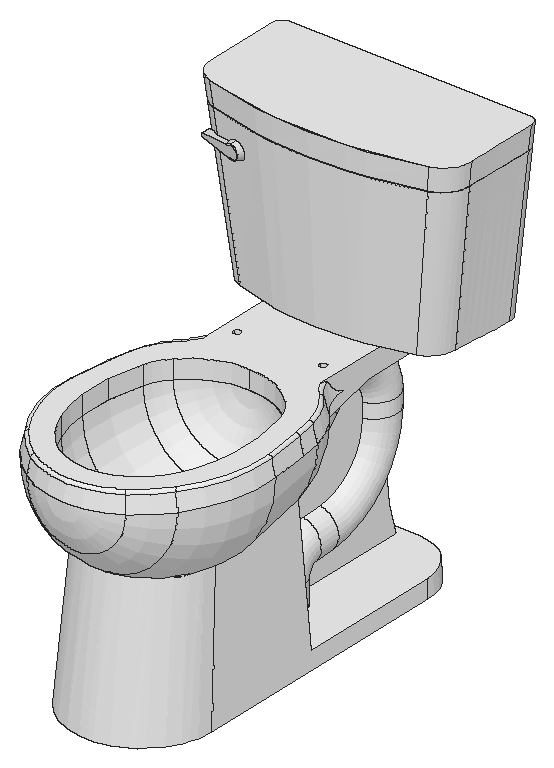
Revit family "Plumbing-Pressure-Assist-Water-Closet-Sloan-Valve-WETS-80298013_", category Plumbing Fixtures, host Face, Revit 2019
Family settings
  Host = Face
  Round Connector Dimension = Use Diameter
  Part Type = Normal
  OmniClass Number = 23.45.05.21.11.11
  OmniClass Title = Water Operated Water Closets
  Cut with Voids When Loaded = No
  Shared = No
  Room Calculation Point = No
Parameters (values of type "WETS-8029.8013")
  Width = 18 1/4"  # constant formula
  Water Closet Code = "2108029"
  Valve Pressure Drop = 0.00 psi
  Tank Code = "2108013"
  Sanitary Drain Connector Description = "Sanitary Drain Connector d2 1/8\""
  Sanitary Drain Connection Diameter = 2 1/8"  # constant formula
  Real Distance to Wall [instance] = if(Distance to Wall < 3/4", 3/4", Distance to Wall)  # 3/4"
  Waste Connection = yes
  WFU = 10
  Vent Connection = yes
  URL = "www.sloanvalve.com"
  Product data url = "https://bimobject.com/sloan_valve/product/pressure-assist-water-closets_sloan_wets-80298013"
  Product Material = Sloan Valve - Vitreous China - White
  Product Guid = ""
  Part Number = "WETS-8029.8013"
  Model = "WETS-8029.8013"
  Minimum Static Pressure = "20 PSI (138 kPa)"  # constant formula
  Maximum Static Pressure = "80 PSI (552 kPa)\r"  # constant formula
  Manufacturer = "Sloan Valve"  # constant formula
  Keynote = "15410"
  Height = 29 5/8"  # constant formula
  HWFU = 0
  HW Connection = yes
  Flush Rate = "1.6 gpf (6.0 Lpf)"
  Depth = 30 3/8"  # constant formula
  Cold Water Connector Description = "Cold Water Connector d1/2\""
  Cold Water Connection Diameter = 1/2"  # constant formula
  Edition number = 1
  Distance to Wall [instance] = 3/4"
  Description = "Floor-Mounted 1.6 gpf (6.0 Lpf) ADA 12\" Rough-in Pressure-Assisted/Tank Toilet."
  Default Elevation = 0"
  CWFU = 10
  CW Connection = yes
  Assembly Code = "D2010"
  ADA Compliant [instance] = 1 = 1  # yes
Reference planes
  plane 1 "Center (Front/Back)": y = 0
  plane 2: z = 0
  plane 3 "Center (Left/Right)": x = 0
  plane 4: x = -201.612
  plane 5: x = 201.613
  plane 6: y = -762.786
  plane 7: y = -19.05
  plane 8: x = -201.612
  plane 9: x = 201.613
  plane 10: y = -762.786
  plane 11: y = -19.05
Forms (mm)
  Blend 1, solid, material "Sloan Valve - Vitreous China - White" <- "Product Material"
    base sketch origin (0, 0, 38.1) x (1, 0, 0) y (0, 1, 0)
      loop
        arc (-34.925, -45.045) -> (-97.787, -71.084) -> (-123.825, -133.945) r 88.9
        line (-123.825, -133.945) -> (-123.825, -615.95)
        arc (-123.825, -615.95) -> (0, -739.775) -> (123.825, -615.95) r 123.825
        line (123.825, -615.95) -> (123.825, -133.945)
        arc (123.825, -133.945) -> (97.787, -71.084) -> (34.925, -45.045) r 88.9
        line (34.925, -45.045) -> (-34.925, -45.045)
    top sketch origin (0, 0, 38.1) x (1, 0, 0) y (0, 1, 0)
      loop
        arc (-109.537, -584.301) -> (0, -693.838) -> (109.537, -584.301) r 109.537
        line (109.537, -584.301) -> (109.537, -133.945)
        arc (109.537, -133.945) -> (83.499, -71.084) -> (20.637, -45.045) r 88.9
        line (20.637, -45.045) -> (-20.637, -45.045)
        arc (-20.637, -45.045) -> (-83.499, -71.084) -> (-109.537, -133.945) r 88.9
        line (-109.537, -133.945) -> (-109.537, -584.301)
    from -38.1 to 312.058
  Extrusion 2, solid, material "Sloan Valve - Vitreous China - White" <- "Product Material"
    sketch origin (0, 0, 12.7) x (0, 1, 0) y (0, 0, 1)
      loop
        line (-369.05, 348.14) -> (-241.882, 379.846) -> (-70.211, 379.846) -> (-64.931, 440.2) -> (-185.947, 440.2)
        arc (-185.947, 440.2) -> (-192.127, 425.28) -> (-207.047, 419.1) r 21.1
        line (-207.047, 419.1) -> (-369.05, 419.1) -> (-369.05, 348.14)
    from -104.047 to 104.047
  Sweep 3, solid, material "Sloan Valve - Vitreous China - White" <- "Product Material"
    path origin (0, 0, 38.1) x (0, 1, 0) y (0, 0, 1)
      loop
        line (-304.8, -38.1) -> (-304.8, 30.289)
        arc (-304.8, 30.289) -> (-293.174, 59.429) -> (-264.682, 72.564) r 42.333
        line (-264.682, 72.564) -> (-226.487, 74.566)
        arc (-226.487, 74.566) -> (-134.627, 116.914) -> (-97.145, 210.864) r 136.485
        line (-97.145, 210.864) -> (-97.145, 236.948)
        arc (-97.145, 236.948) -> (-144.28, 307.387) -> (-227.373, 290.682) r 76.2
        arc (-227.373, 290.682) -> (-233.15, 284.615) -> (-238.657, 278.301) r 192.236
        arc (-238.657, 278.301) -> (-334.604, 206.706) -> (-452.54, 186.145) r 257.901
    profile origin (0, -304.8, 34.195) x (0, -1, 0) y (1, 0, 0)
      loop
        circle (0, 0) r 38.1
  Extrusion 4, solid, material "Sloan Valve - Vitreous China - White" <- "Product Material"
    sketch origin (22.443, 0, 38.1) x (0, 1, 0) y (0, 0, 1)
      loop
        line (-68.2, 389.4) -> (-235.377, 389.4) -> (-261.569, 382.87) -> (-496.95, 175.082) -> (-480.799, -9.525) -> (-58.189, -9.525)
        arc (-58.189, -9.525) -> (-82.15, 106.794) -> (-68.088, 224.72) r 370.607
        arc (-68.088, 224.72) -> (-59.936, 265.377) -> (-58.507, 306.818) r 254
        arc (-58.507, 306.818) -> (-61.916, 348.278) -> (-68.2, 389.4) r 598.021
    from -28.793 to -16.093
  Extrusion 5, solid, not visible
    sketch origin (0, 0, 0) x (1, 0, 0) y (0, 0, 1)
      loop
        circle (-152.4, 254) r 6.35
    from 0 to 0.794
  Blend 6, solid, material "Sloan Valve - Vitreous China - White" <- "Product Material"
    base sketch origin (0, 0.822, 430.81) x (1, 0, 0) y (0, 1, 0)
      loop
        line (-196.16, -48.519) -> (-186.739, -156.202)
        arc (-186.739, -156.202) -> (-176.518, -182.59) -> (-153.766, -199.416) r 50.8
        arc (-153.766, -199.416) -> (0, -226.96) -> (153.766, -199.416) r 442.975
        arc (153.766, -199.416) -> (176.518, -182.59) -> (186.739, -156.202) r 50.8
        line (186.739, -156.202) -> (196.16, -48.519)
        arc (196.16, -48.519) -> (191.227, -33.989) -> (177.182, -27.809) r 19.05
        line (177.182, -27.809) -> (-177.182, -27.809)
        arc (-177.182, -27.809) -> (-191.227, -33.989) -> (-196.16, -48.519) r 19.05
    top sketch origin (0, 0.822, 430.81) x (1, 0, 0) y (0, 1, 0)
      loop
        arc (-212.725, -19.872) -> (-226.195, -25.451) -> (-231.775, -38.922) r 19.05
        line (-231.775, -38.922) -> (-231.775, -172.47)
        arc (-231.775, -172.47) -> (-221.507, -203.094) -> (-194.854, -221.338) r 50.8
        arc (-194.854, -221.338) -> (0, -248.472) -> (194.854, -221.338) r 713.209
        arc (194.854, -221.338) -> (221.507, -203.094) -> (231.775, -172.47) r 50.8
        line (231.775, -172.47) -> (231.775, -38.922)
        arc (231.775, -38.922) -> (226.195, -25.451) -> (212.725, -19.872) r 19.05
        line (212.725, -19.872) -> (-212.725, -19.872)
    from -37.11 to 321.665
  Extrusion 7, solid, material "Sloan Valve - Finish - Polished Chrome"
    sketch origin (-20.292, -269.587, 924.407) x (-0.97881, 0.203994, 0.017847) y (0, 0.087156, -0.996195)
      loop
        line (127, 257.261) -> (188.747, 261.579)
        arc (188.747, 261.579) -> (192.467, 265.466) -> (188.955, 269.542) r 4.001
        line (188.955, 269.542) -> (127, 277.149) -> (127, 257.261)
    from 0 to 12.7
  Revolve 8, solid, material "Sloan Valve - Finish - Polished Chrome"
    sketch origin (-369.854, -1316.287, 832.833) x (-0.204773, -0.975085, -0.085309) y (0, 0.087156, -0.996195)
      loop
        line (-1100.014, 265.639) -> (-1087.314, 265.639) -> (-1087.314, 277.803) -> (-1087.756, 278.482) -> (-1100.014, 282.465) -> (-1100.014, 265.639)
      axis (-1100.014, 265.639) -> (-1087.314, 265.639)
    angle from 0 to 360
  Revolve 9, solid, material "Sloan Valve - Vitreous China - White" <- "Product Material"
    sketch origin (0, -107.509, 398.463) x (1, 0, 0) y (0, 1, 0)
      loop
        line (0, -683.066) -> (0, -633.619)
        arc (0, -633.619) -> (-54.455, -620.155) -> (-96.361, -582.866) r 116.854
        arc (-96.361, -582.866) -> (-108.844, -562.27) -> (-118.928, -540.399) r 213.603
        arc (-118.928, -540.399) -> (-129.044, -507.813) -> (-134.203, -474.085) r 228.843
        arc (-134.203, -474.085) -> (-133.643, -413.542) -> (-122.68, -353.997) r 350.763
        arc (-122.68, -353.997) -> (-114.097, -332.991) -> (-100.788, -314.61) r 95.25
        arc (-100.788, -314.61) -> (-55.004, -282.028) -> (0, -270.524) r 137.251
        line (0, -270.524) -> (0, -209.239)
        arc (0, -209.239) -> (-18.194, -209.694) -> (-36.342, -211.057) r 364.157
        arc (-36.342, -211.057) -> (-122.715, -249.087) -> (-170.133, -330.684) r 152.4
        arc (-170.133, -330.684) -> (-180.229, -386.679) -> (-186.583, -443.221) r 855.912
        arc (-186.583, -443.221) -> (-178.018, -528.288) -> (-140.189, -604.962) r 240.102
        arc (-140.189, -604.962) -> (-116.352, -632.223) -> (-88.426, -655.277) r 223.457
        arc (-88.426, -655.277) -> (-46.345, -675.956) -> (0, -683.066) r 154.581
      axis (0, -209.239) -> (0, -683.066)
    angle from 0 to 180
  Extrusion 10, solid, material "Sloan Valve - Vitreous China - White" <- "Product Material"
    sketch origin (0, -122.297, 36.415) x (1, 0, 0) y (0, 0, 1)
      loop
        arc (57.698, 221.011) -> (0.981, 212.195) -> (-56.307, 215.748) r 266.082
        line (-56.307, 215.748) -> (-39.243, 151.174)
        arc (-39.243, 151.174) -> (0, 120.954) -> (39.243, 151.174) r 40.59
        line (39.243, 151.174) -> (57.698, 221.011)
    from 346.299 to 429.496
  Blend 11, solid, material "Sloan Valve - Vitreous China - White" <- "Product Material"
    base sketch origin (0, -108.545, 413.2) x (1, 0, 0) y (0, 0, 1)
      loop
        line (25.325, -14.42) -> (-25.325, -14.42) -> (-25.325, -20.654)
        arc (-25.325, -20.654) -> (0, -45.979) -> (25.325, -20.654) r 25.325
        line (25.325, -20.654) -> (25.325, -14.42)
    top sketch origin (0, -108.545, 413.2) x (1, 0, 0) y (0, 0, 1)
      loop
        line (46.038, -14.42) -> (-46.037, -14.42) -> (-46.037, -23.887)
        arc (-46.037, -23.887) -> (0, -69.925) -> (46.038, -23.887) r 46.037
        line (46.038, -23.887) -> (46.038, -14.42)
    from 129.035 to 108.105
  Blend 12, solid, material "Sloan Valve - Vitreous China - White" <- "Product Material"
    base sketch origin (0, -108.545, 413.2) x (1, 0, 0) y (0, 0, 1)
      loop
        line (46.038, -14.42) -> (-46.037, -14.42) -> (-46.037, -23.887)
        arc (-46.037, -23.887) -> (0, -69.925) -> (46.038, -23.887) r 46.037
        line (46.038, -23.887) -> (46.038, -14.42)
    top sketch origin (0, -108.545, 413.2) x (1, 0, 0) y (0, 0, 1)
      loop
        line (46.038, -14.42) -> (-46.037, -14.42) -> (-46.037, -43.731)
        arc (-46.037, -43.731) -> (0, -89.769) -> (46.038, -43.731) r 46.038
        line (46.038, -43.731) -> (46.038, -14.42)
    from 108.105 to 38.1
  Sweep 13, solid, material "Sloan Valve - Vitreous China - White" <- "Product Material"
    path origin (0, -122.297, 38.1) x (0, 1, 0) y (0, 0, 1)
      loop
        arc (-352.549, 201.173) -> (-327.484, 201.16) -> (-302.744, 205.182) r 155.194
        arc (-302.744, 205.182) -> (-278.132, 217.142) -> (-260.549, 238.11) r 65.532
        arc (-260.549, 238.11) -> (-246.125, 268.805) -> (-234.718, 300.744) r 352.298
        arc (-234.718, 300.744) -> (-234.446, 301.431) -> (-234.066, 302.064) r 4.499
        arc (-234.066, 302.064) -> (-210.936, 321.963) -> (-181.277, 329.121) r 65.024
        line (-181.277, 329.121) -> (-115.283, 329.121)
    profile origin (0, -270.577, 367.221) x (0, 0, 1) y (1, 0, 0)
      loop
        line (25.325, -25.325) -> (25.325, 25.325)
        arc (25.325, 25.325) -> (0, 0) -> (25.325, -25.325) r 25.325
  Sweep 14, solid, material "Sloan Valve - Vitreous China - White" <- "Product Material"
    path origin (0, 0, 38.1) x (1, 0, 0) y (0, 1, 0)
      loop
        line (-104.047, -185.947) -> (-104.047, -295.646)
        arc (-104.047, -295.646) -> (-111.251, -333.222) -> (-131.841, -365.47) r 101.6
        arc (-131.841, -365.47) -> (-155.982, -399.201) -> (-170.133, -438.192) r 152.4
        arc (-170.133, -438.192) -> (-174.125, -457.895) -> (-177.652, -477.686) r 855.912
        arc (-177.652, -477.686) -> (-182.903, -514.112) -> (-186.583, -550.729) r 855.912
        arc (-186.583, -550.729) -> (-178.018, -635.797) -> (-140.189, -712.47) r 240.102
        arc (-140.189, -712.47) -> (-116.352, -739.732) -> (-88.426, -762.786) r 223.457
        arc (-88.426, -762.786) -> (0, -790.575) -> (88.426, -762.786) r 154.581
        arc (88.426, -762.786) -> (116.352, -739.732) -> (140.189, -712.47) r 223.457
        arc (140.189, -712.47) -> (178.018, -635.797) -> (186.583, -550.729) r 240.102
        arc (186.583, -550.729) -> (182.903, -514.112) -> (177.652, -477.686) r 855.912
        arc (177.652, -477.686) -> (174.125, -457.895) -> (170.133, -438.192) r 855.912
        arc (170.133, -438.192) -> (155.982, -399.201) -> (131.841, -365.47) r 152.4
        arc (131.841, -365.47) -> (111.251, -333.222) -> (104.047, -295.646) r 101.6
        line (104.047, -295.646) -> (104.047, -185.947)
    profile origin (0, -790.575, 38.1) x (0, 1, 0) y (0, 0, 1)
      loop
        line (0, 360.362) -> (18.191, 360.362) -> (18.191, 393.7) -> (12.748, 393.7)
        arc (12.748, 393.7) -> (8.795, 392.32) -> (6.56, 388.778) r 6.35
        line (6.56, 388.778) -> (0, 360.362)
  Extrusion 15, void
    sketch origin (0, 0, 38.1) x (1, 0, 0) y (0, 1, 0)
      loop
        arc (118.928, -647.907) -> (129.044, -615.321) -> (134.203, -581.593) r 228.843
        arc (134.203, -581.593) -> (135.243, -552.98) -> (133.946, -524.377) r 350.763
        arc (133.946, -524.377) -> (129.747, -492.684) -> (122.68, -461.506) r 350.763
        arc (122.68, -461.506) -> (114.097, -440.499) -> (100.788, -422.119) r 95.25
        arc (100.788, -422.119) -> (55.004, -389.536) -> (0, -378.032) r 137.251
        arc (0, -378.032) -> (-55.004, -389.536) -> (-100.788, -422.119) r 137.251
        arc (-100.788, -422.119) -> (-114.097, -440.499) -> (-122.68, -461.506) r 95.25
        arc (-122.68, -461.506) -> (-129.747, -492.684) -> (-133.946, -524.377) r 350.763
        arc (-133.946, -524.377) -> (-135.243, -552.98) -> (-134.203, -581.593) r 350.763
        arc (-134.203, -581.593) -> (-129.044, -615.321) -> (-118.928, -647.907) r 228.843
        arc (-118.928, -647.907) -> (-108.844, -669.778) -> (-96.361, -690.375) r 213.603
        arc (-96.361, -690.375) -> (-54.455, -727.664) -> (0, -741.127) r 116.854
        arc (0, -741.127) -> (54.455, -727.664) -> (96.361, -690.375) r 116.854
        arc (96.361, -690.375) -> (108.844, -669.778) -> (118.928, -647.907) r 213.603
    from 360.362 to 393.7
  Extrusion 16, solid, material "Sloan Valve - Vitreous China - White" <- "Product Material"
    sketch origin (0, 0, 38.1) x (1, 0, 0) y (0, 1, 0)
      loop
        arc (-168.448, -552.159) -> (-160.532, -630.781) -> (-125.569, -701.646) r 221.912
        arc (-125.569, -701.646) -> (-103.673, -726.688) -> (-78.02, -747.865) r 205.266
        arc (-78.02, -747.865) -> (0, -772.384) -> (78.02, -747.865) r 136.39
        arc (78.02, -747.865) -> (103.673, -726.688) -> (125.569, -701.646) r 205.266
        arc (125.569, -701.646) -> (160.532, -630.781) -> (168.448, -552.159) r 221.912
        arc (168.448, -552.159) -> (164.847, -516.319) -> (159.708, -480.668) r 837.721
        arc (159.708, -480.668) -> (156.255, -461.297) -> (152.348, -442.013) r 837.721
        arc (152.348, -442.013) -> (139.886, -407.676) -> (118.627, -377.971) r 134.209
        arc (118.627, -377.971) -> (110.867, -368.903) -> (104.047, -359.107) r 119.791
        line (104.047, -359.107) -> (104.047, -369.05) -> (-104.047, -369.05) -> (-104.047, -359.107)
        arc (-104.047, -359.107) -> (-110.867, -368.903) -> (-118.627, -377.971) r 119.791
        arc (-118.627, -377.971) -> (-139.886, -407.676) -> (-152.348, -442.013) r 134.209
        arc (-152.348, -442.013) -> (-156.255, -461.297) -> (-159.708, -480.668) r 837.721
        arc (-159.708, -480.668) -> (-164.847, -516.319) -> (-168.448, -552.159) r 837.721
    from 360.362 to 393.7
  Extrusion 17, void
    sketch origin (0, 0, 38.1) x (0, 1, 0) y (0, 0, 1)
      loop
        line (-419.1, 368.114) -> (-392.915, -6.35) -> (-10.202, -6.35) -> (-10.202, 368.114) -> (-419.1, 368.114)
    from -219.74 to 304.8
  Revolve 18, void
    sketch origin (0, -107.509, 398.463) x (1, 0, 0) y (0, 1, 0)
      loop
        line (0, -639.969) -> (0, -264.174)
        arc (0, -264.174) -> (-57.549, -276.21) -> (-105.451, -310.3) r 143.601
        arc (-105.451, -310.3) -> (-119.647, -329.906) -> (-128.802, -352.313) r 101.6
        arc (-128.802, -352.313) -> (-139.964, -412.935) -> (-140.534, -474.574) r 357.113
        arc (-140.534, -474.574) -> (-135.232, -509.238) -> (-124.835, -542.728) r 235.193
        arc (-124.835, -542.728) -> (-114.451, -565.249) -> (-101.598, -586.458) r 219.953
        arc (-101.598, -586.458) -> (-57.414, -625.773) -> (0, -639.969) r 123.204
      axis (0, -264.174) -> (0, -639.969)
    angle from 0 to 180
  Extrusion 19, void
    sketch origin (0, 0, 38.1) x (1, 0, 0) y (0, 1, 0)
      loop
        circle (-76.2, -307.975) r 6.35
      loop
        circle (76.2, -307.975) r 6.35
    from 341.312 to 499.954
  Extrusion 20, void
    sketch origin (0, 0, 31.75) x (1, 0, 0) y (0, 1, 0)
      loop
        arc (-212.725, -19.05) -> (-226.195, -24.63) -> (-231.775, -38.1) r 19.05
        line (-231.775, -38.1) -> (-231.775, -171.649)
        arc (-231.775, -171.649) -> (-221.507, -202.272) -> (-194.854, -220.516) r 50.8
        arc (-194.854, -220.516) -> (0, -247.65) -> (194.854, -220.516) r 713.209
        arc (194.854, -220.516) -> (221.507, -202.272) -> (231.775, -171.649) r 50.8
        line (231.775, -171.649) -> (231.775, -38.1)
        arc (231.775, -38.1) -> (226.195, -24.63) -> (212.725, -19.05) r 19.05
        line (212.725, -19.05) -> (-212.725, -19.05)
      loop
        line (-225.425, -38.1) -> (-225.425, -171.649)
        arc (-225.425, -171.649) -> (-216.441, -198.444) -> (-193.119, -214.408) r 44.45
        arc (-193.119, -214.408) -> (0, -241.3) -> (193.119, -214.408) r 706.859
        arc (193.119, -214.408) -> (216.441, -198.444) -> (225.425, -171.649) r 44.45
        line (225.425, -171.649) -> (225.425, -38.1)
        arc (225.425, -38.1) -> (221.705, -29.12) -> (212.725, -25.4) r 12.7
        line (212.725, -25.4) -> (-212.725, -25.4)
        arc (-212.725, -25.4) -> (-221.705, -29.12) -> (-225.425, -38.1) r 12.7
    from 678.093 to 679.681
  Extrusion 21, void
    sketch origin (0, 0, 0) x (0, 1, 0) y (0, 0, 1)
      loop
        line (-261.266, 431.8) -> (-261.266, 384.613) -> (-19.05, 384.613) -> (-19.05, 431.8) -> (-261.266, 431.8)
    from -210.808 to 208.879
  Blend 22, solid, material "Sloan Valve - Vitreous China - White" <- "Product Material", not visible
    base sketch origin (0, 0, 38.1) x (1, 0, 0) y (0, 1, 0)
      loop
        arc (-34.925, -45.045) -> (-97.787, -71.084) -> (-123.825, -133.945) r 88.9
        line (-123.825, -133.945) -> (-123.825, -615.95)
        arc (-123.825, -615.95) -> (0, -739.775) -> (123.825, -615.95) r 123.825
        line (123.825, -615.95) -> (123.825, -133.945)
        arc (123.825, -133.945) -> (97.787, -71.084) -> (34.925, -45.045) r 88.9
        line (34.925, -45.045) -> (-34.925, -45.045)
    top sketch origin (0, 0, 38.1) x (1, 0, 0) y (0, 1, 0)
      loop
        arc (-109.537, -584.301) -> (0, -693.838) -> (109.537, -584.301) r 109.537
        line (109.537, -584.301) -> (109.537, -133.945)
        arc (109.537, -133.945) -> (83.499, -71.084) -> (20.637, -45.045) r 88.9
        line (20.637, -45.045) -> (-20.637, -45.045)
        arc (-20.637, -45.045) -> (-83.499, -71.084) -> (-109.537, -133.945) r 88.9
        line (-109.537, -133.945) -> (-109.537, -584.301)
    from -38.1 to 312.058
  Extrusion 23, solid, material "Sloan Valve - Vitreous China - White" <- "Product Material", not visible
    sketch origin (0, 0, 12.7) x (0, 1, 0) y (0, 0, 1)
      loop
        line (-369.05, 348.14) -> (-241.882, 379.846) -> (-70.211, 379.846) -> (-64.931, 440.2) -> (-185.947, 440.2)
        arc (-185.947, 440.2) -> (-192.127, 425.28) -> (-207.047, 419.1) r 21.1
        line (-207.047, 419.1) -> (-369.05, 419.1) -> (-369.05, 348.14)
    from -104.047 to 104.047
  Sweep 24, solid, material "Sloan Valve - Vitreous China - White" <- "Product Material", not visible
    path origin (0, 0, 38.1) x (0, 1, 0) y (0, 0, 1)
      loop
        line (-304.8, -38.1) -> (-304.8, 30.289)
        arc (-304.8, 30.289) -> (-293.174, 59.429) -> (-264.682, 72.564) r 42.333
        line (-264.682, 72.564) -> (-226.487, 74.566)
        arc (-226.487, 74.566) -> (-134.627, 116.914) -> (-97.145, 210.864) r 136.485
        line (-97.145, 210.864) -> (-97.145, 236.948)
        arc (-97.145, 236.948) -> (-144.28, 307.387) -> (-227.373, 290.682) r 76.2
        arc (-227.373, 290.682) -> (-233.15, 284.615) -> (-238.657, 278.301) r 192.236
        arc (-238.657, 278.301) -> (-334.604, 206.706) -> (-452.54, 186.145) r 257.901
    profile origin (0, -304.8, 34.195) x (0, -1, 0) y (1, 0, 0)
      loop
        circle (0, 0) r 38.1
  Extrusion 25, solid, material "Sloan Valve - Vitreous China - White" <- "Product Material", not visible
    sketch origin (22.443, 0, 38.1) x (0, 1, 0) y (0, 0, 1)
      loop
        line (-68.2, 389.4) -> (-235.377, 389.4) -> (-261.569, 382.87) -> (-496.95, 175.082) -> (-480.799, -9.525) -> (-58.189, -9.525)
        arc (-58.189, -9.525) -> (-82.15, 106.794) -> (-68.088, 224.72) r 370.607
        arc (-68.088, 224.72) -> (-59.936, 265.377) -> (-58.507, 306.818) r 254
        arc (-58.507, 306.818) -> (-61.916, 348.278) -> (-68.2, 389.4) r 598.021
    from -28.793 to -16.093
  Blend 26, solid, material "Sloan Valve - Vitreous China - White" <- "Product Material", not visible
    base sketch origin (0, 0.822, 430.81) x (1, 0, 0) y (0, 1, 0)
      loop
        line (-196.16, -48.519) -> (-186.739, -156.202)
        arc (-186.739, -156.202) -> (-176.518, -182.59) -> (-153.766, -199.416) r 50.8
        arc (-153.766, -199.416) -> (0, -226.96) -> (153.766, -199.416) r 442.975
        arc (153.766, -199.416) -> (176.518, -182.59) -> (186.739, -156.202) r 50.8
        line (186.739, -156.202) -> (196.16, -48.519)
        arc (196.16, -48.519) -> (191.227, -33.989) -> (177.182, -27.809) r 19.05
        line (177.182, -27.809) -> (-177.182, -27.809)
        arc (-177.182, -27.809) -> (-191.227, -33.989) -> (-196.16, -48.519) r 19.05
    top sketch origin (0, 0.822, 430.81) x (1, 0, 0) y (0, 1, 0)
      loop
        arc (-212.725, -19.872) -> (-226.195, -25.451) -> (-231.775, -38.922) r 19.05
        line (-231.775, -38.922) -> (-231.775, -172.47)
        arc (-231.775, -172.47) -> (-221.507, -203.094) -> (-194.854, -221.338) r 50.8
        arc (-194.854, -221.338) -> (0, -248.472) -> (194.854, -221.338) r 713.209
        arc (194.854, -221.338) -> (221.507, -203.094) -> (231.775, -172.47) r 50.8
        line (231.775, -172.47) -> (231.775, -38.922)
        arc (231.775, -38.922) -> (226.195, -25.451) -> (212.725, -19.872) r 19.05
        line (212.725, -19.872) -> (-212.725, -19.872)
    from -37.11 to 321.665
  Extrusion 27, solid, material "Sloan Valve - Finish - Polished Chrome", not visible
    sketch origin (-20.292, -269.587, 924.407) x (-0.97881, 0.203994, 0.017847) y (0, 0.087156, -0.996195)
      loop
        line (127, 257.261) -> (188.747, 261.579)
        arc (188.747, 261.579) -> (192.467, 265.466) -> (188.955, 269.542) r 4.001
        line (188.955, 269.542) -> (127, 277.149) -> (127, 257.261)
    from 0 to 12.7
  Revolve 28, solid, material "Sloan Valve - Finish - Polished Chrome", not visible
    sketch origin (-369.854, -1316.287, 832.833) x (-0.204773, -0.975085, -0.085309) y (0, 0.087156, -0.996195)
      loop
        line (-1100.014, 265.639) -> (-1087.314, 265.639) -> (-1087.314, 277.803) -> (-1087.756, 278.482) -> (-1100.014, 282.465) -> (-1100.014, 265.639)
      axis (-1100.014, 265.639) -> (-1087.314, 265.639)
    angle from 0 to 360
  Revolve 29, solid, material "Sloan Valve - Vitreous China - White" <- "Product Material", not visible
    sketch origin (0, -107.509, 398.463) x (1, 0, 0) y (0, 1, 0)
      loop
        line (0, -683.066) -> (0, -633.619)
        arc (0, -633.619) -> (-54.455, -620.155) -> (-96.361, -582.866) r 116.854
        arc (-96.361, -582.866) -> (-108.844, -562.27) -> (-118.928, -540.399) r 213.603
        arc (-118.928, -540.399) -> (-129.044, -507.813) -> (-134.203, -474.085) r 228.843
        arc (-134.203, -474.085) -> (-133.643, -413.542) -> (-122.68, -353.997) r 350.763
        arc (-122.68, -353.997) -> (-114.097, -332.991) -> (-100.788, -314.61) r 95.25
        arc (-100.788, -314.61) -> (-55.004, -282.028) -> (0, -270.524) r 137.251
        line (0, -270.524) -> (0, -209.239)
        arc (0, -209.239) -> (-18.194, -209.694) -> (-36.342, -211.057) r 364.157
        arc (-36.342, -211.057) -> (-122.715, -249.087) -> (-170.133, -330.684) r 152.4
        arc (-170.133, -330.684) -> (-180.229, -386.679) -> (-186.583, -443.221) r 855.912
        arc (-186.583, -443.221) -> (-178.018, -528.288) -> (-140.189, -604.962) r 240.102
        arc (-140.189, -604.962) -> (-116.352, -632.223) -> (-88.426, -655.277) r 223.457
        arc (-88.426, -655.277) -> (-46.345, -675.956) -> (0, -683.066) r 154.581
      axis (0, -209.239) -> (0, -683.066)
    angle from 0 to 180
  Extrusion 30, solid, material "Sloan Valve - Vitreous China - White" <- "Product Material", not visible
    sketch origin (0, -122.297, 36.415) x (1, 0, 0) y (0, 0, 1)
      loop
        arc (57.698, 221.011) -> (0.981, 212.195) -> (-56.307, 215.748) r 266.082
        line (-56.307, 215.748) -> (-39.243, 151.174)
        arc (-39.243, 151.174) -> (0, 120.954) -> (39.243, 151.174) r 40.59
        line (39.243, 151.174) -> (57.698, 221.011)
    from 346.299 to 429.496
  Blend 31, solid, material "Sloan Valve - Vitreous China - White" <- "Product Material", not visible
    base sketch origin (0, -108.545, 413.2) x (1, 0, 0) y (0, 0, 1)
      loop
        line (25.325, -14.42) -> (-25.325, -14.42) -> (-25.325, -20.654)
        arc (-25.325, -20.654) -> (0, -45.979) -> (25.325, -20.654) r 25.325
        line (25.325, -20.654) -> (25.325, -14.42)
    top sketch origin (0, -108.545, 413.2) x (1, 0, 0) y (0, 0, 1)
      loop
        line (46.038, -14.42) -> (-46.037, -14.42) -> (-46.037, -23.887)
        arc (-46.037, -23.887) -> (0, -69.925) -> (46.038, -23.887) r 46.037
        line (46.038, -23.887) -> (46.038, -14.42)
    from 129.035 to 108.105
  Blend 32, solid, material "Sloan Valve - Vitreous China - White" <- "Product Material", not visible
    base sketch origin (0, -108.545, 413.2) x (1, 0, 0) y (0, 0, 1)
      loop
        line (46.038, -14.42) -> (-46.037, -14.42) -> (-46.037, -23.887)
        arc (-46.037, -23.887) -> (0, -69.925) -> (46.038, -23.887) r 46.037
        line (46.038, -23.887) -> (46.038, -14.42)
    top sketch origin (0, -108.545, 413.2) x (1, 0, 0) y (0, 0, 1)
      loop
        line (46.038, -14.42) -> (-46.037, -14.42) -> (-46.037, -43.731)
        arc (-46.037, -43.731) -> (0, -89.769) -> (46.038, -43.731) r 46.038
        line (46.038, -43.731) -> (46.038, -14.42)
    from 108.105 to 38.1
  Sweep 33, solid, material "Sloan Valve - Vitreous China - White" <- "Product Material", not visible
    path origin (0, -122.297, 38.1) x (0, 1, 0) y (0, 0, 1)
      loop
        arc (-352.549, 201.173) -> (-327.484, 201.16) -> (-302.744, 205.182) r 155.194
        arc (-302.744, 205.182) -> (-278.132, 217.142) -> (-260.549, 238.11) r 65.532
        arc (-260.549, 238.11) -> (-246.125, 268.805) -> (-234.718, 300.744) r 352.298
        arc (-234.718, 300.744) -> (-234.446, 301.431) -> (-234.066, 302.064) r 4.499
        arc (-234.066, 302.064) -> (-210.936, 321.963) -> (-181.277, 329.121) r 65.024
        line (-181.277, 329.121) -> (-115.283, 329.121)
    profile origin (0, -270.577, 367.221) x (0, 0, 1) y (1, 0, 0)
      loop
        line (25.325, -25.325) -> (25.325, 25.325)
        arc (25.325, 25.325) -> (0, 0) -> (25.325, -25.325) r 25.325
  Sweep 34, solid, material "Sloan Valve - Vitreous China - White" <- "Product Material", not visible
    path origin (0, 0, 38.1) x (1, 0, 0) y (0, 1, 0)
      loop
        line (-104.047, -185.947) -> (-104.047, -295.646)
        arc (-104.047, -295.646) -> (-111.251, -333.222) -> (-131.841, -365.47) r 101.6
        arc (-131.841, -365.47) -> (-155.982, -399.201) -> (-170.133, -438.192) r 152.4
        arc (-170.133, -438.192) -> (-174.125, -457.895) -> (-177.652, -477.686) r 855.912
        arc (-177.652, -477.686) -> (-182.903, -514.112) -> (-186.583, -550.729) r 855.912
        arc (-186.583, -550.729) -> (-178.018, -635.797) -> (-140.189, -712.47) r 240.102
        arc (-140.189, -712.47) -> (-116.352, -739.732) -> (-88.426, -762.786) r 223.457
        arc (-88.426, -762.786) -> (0, -790.575) -> (88.426, -762.786) r 154.581
        arc (88.426, -762.786) -> (116.352, -739.732) -> (140.189, -712.47) r 223.457
        arc (140.189, -712.47) -> (178.018, -635.797) -> (186.583, -550.729) r 240.102
        arc (186.583, -550.729) -> (182.903, -514.112) -> (177.652, -477.686) r 855.912
        arc (177.652, -477.686) -> (174.125, -457.895) -> (170.133, -438.192) r 855.912
        arc (170.133, -438.192) -> (155.982, -399.201) -> (131.841, -365.47) r 152.4
        arc (131.841, -365.47) -> (111.251, -333.222) -> (104.047, -295.646) r 101.6
        line (104.047, -295.646) -> (104.047, -185.947)
    profile origin (0, -790.575, 38.1) x (0, 1, 0) y (0, 0, 1)
      loop
        line (0, 360.362) -> (18.191, 360.362) -> (18.191, 393.7) -> (12.748, 393.7)
        arc (12.748, 393.7) -> (8.795, 392.32) -> (6.56, 388.778) r 6.35
        line (6.56, 388.778) -> (0, 360.362)
  Extrusion 35, void, not visible
    sketch origin (0, 0, 38.1) x (1, 0, 0) y (0, 1, 0)
      loop
        arc (118.928, -647.907) -> (129.044, -615.321) -> (134.203, -581.593) r 228.843
        arc (134.203, -581.593) -> (135.243, -552.98) -> (133.946, -524.377) r 350.763
        arc (133.946, -524.377) -> (129.747, -492.684) -> (122.68, -461.506) r 350.763
        arc (122.68, -461.506) -> (114.097, -440.499) -> (100.788, -422.119) r 95.25
        arc (100.788, -422.119) -> (55.004, -389.536) -> (0, -378.032) r 137.251
        arc (0, -378.032) -> (-55.004, -389.536) -> (-100.788, -422.119) r 137.251
        arc (-100.788, -422.119) -> (-114.097, -440.499) -> (-122.68, -461.506) r 95.25
        arc (-122.68, -461.506) -> (-129.747, -492.684) -> (-133.946, -524.377) r 350.763
        arc (-133.946, -524.377) -> (-135.243, -552.98) -> (-134.203, -581.593) r 350.763
        arc (-134.203, -581.593) -> (-129.044, -615.321) -> (-118.928, -647.907) r 228.843
        arc (-118.928, -647.907) -> (-108.844, -669.778) -> (-96.361, -690.375) r 213.603
        arc (-96.361, -690.375) -> (-54.455, -727.664) -> (0, -741.127) r 116.854
        arc (0, -741.127) -> (54.455, -727.664) -> (96.361, -690.375) r 116.854
        arc (96.361, -690.375) -> (108.844, -669.778) -> (118.928, -647.907) r 213.603
    from 360.362 to 393.7
  Extrusion 36, solid, material "Sloan Valve - Vitreous China - White" <- "Product Material", not visible
    sketch origin (0, 0, 38.1) x (1, 0, 0) y (0, 1, 0)
      loop
        arc (-168.448, -552.159) -> (-160.532, -630.781) -> (-125.569, -701.646) r 221.912
        arc (-125.569, -701.646) -> (-103.673, -726.688) -> (-78.02, -747.865) r 205.266
        arc (-78.02, -747.865) -> (0, -772.384) -> (78.02, -747.865) r 136.39
        arc (78.02, -747.865) -> (103.673, -726.688) -> (125.569, -701.646) r 205.266
        arc (125.569, -701.646) -> (160.532, -630.781) -> (168.448, -552.159) r 221.912
        arc (168.448, -552.159) -> (164.847, -516.319) -> (159.708, -480.668) r 837.721
        arc (159.708, -480.668) -> (156.255, -461.297) -> (152.348, -442.013) r 837.721
        arc (152.348, -442.013) -> (139.886, -407.676) -> (118.627, -377.971) r 134.209
        arc (118.627, -377.971) -> (110.867, -368.903) -> (104.047, -359.107) r 119.791
        line (104.047, -359.107) -> (104.047, -369.05) -> (-104.047, -369.05) -> (-104.047, -359.107)
        arc (-104.047, -359.107) -> (-110.867, -368.903) -> (-118.627, -377.971) r 119.791
        arc (-118.627, -377.971) -> (-139.886, -407.676) -> (-152.348, -442.013) r 134.209
        arc (-152.348, -442.013) -> (-156.255, -461.297) -> (-159.708, -480.668) r 837.721
        arc (-159.708, -480.668) -> (-164.847, -516.319) -> (-168.448, -552.159) r 837.721
    from 360.362 to 393.7
  Extrusion 37, void, not visible
    sketch origin (0, 0, 38.1) x (0, 1, 0) y (0, 0, 1)
      loop
        line (-419.1, 368.114) -> (-392.915, -6.35) -> (-10.202, -6.35) -> (-10.202, 368.114) -> (-419.1, 368.114)
    from -219.74 to 304.8
  Revolve 38, void, not visible
    sketch origin (0, -107.509, 398.463) x (1, 0, 0) y (0, 1, 0)
      loop
        line (0, -639.969) -> (0, -264.174)
        arc (0, -264.174) -> (-57.549, -276.21) -> (-105.451, -310.3) r 143.601
        arc (-105.451, -310.3) -> (-119.647, -329.906) -> (-128.802, -352.313) r 101.6
        arc (-128.802, -352.313) -> (-139.964, -412.935) -> (-140.534, -474.574) r 357.113
        arc (-140.534, -474.574) -> (-135.232, -509.238) -> (-124.835, -542.728) r 235.193
        arc (-124.835, -542.728) -> (-114.451, -565.249) -> (-101.598, -586.458) r 219.953
        arc (-101.598, -586.458) -> (-57.414, -625.773) -> (0, -639.969) r 123.204
      axis (0, -264.174) -> (0, -639.969)
    angle from 0 to 180
  Extrusion 39, void, not visible
    sketch origin (0, 0, 38.1) x (1, 0, 0) y (0, 1, 0)
      loop
        circle (-76.2, -307.975) r 6.35
      loop
        circle (76.2, -307.975) r 6.35
    from 341.312 to 499.954
  Extrusion 40, void, not visible
    sketch origin (0, 0, 31.75) x (1, 0, 0) y (0, 1, 0)
      loop
        arc (-212.725, -19.05) -> (-226.195, -24.63) -> (-231.775, -38.1) r 19.05
        line (-231.775, -38.1) -> (-231.775, -171.649)
        arc (-231.775, -171.649) -> (-221.507, -202.272) -> (-194.854, -220.516) r 50.8
        arc (-194.854, -220.516) -> (0, -247.65) -> (194.854, -220.516) r 713.209
        arc (194.854, -220.516) -> (221.507, -202.272) -> (231.775, -171.649) r 50.8
        line (231.775, -171.649) -> (231.775, -38.1)
        arc (231.775, -38.1) -> (226.195, -24.63) -> (212.725, -19.05) r 19.05
        line (212.725, -19.05) -> (-212.725, -19.05)
      loop
        line (-225.425, -38.1) -> (-225.425, -171.649)
        arc (-225.425, -171.649) -> (-216.441, -198.444) -> (-193.119, -214.408) r 44.45
        arc (-193.119, -214.408) -> (0, -241.3) -> (193.119, -214.408) r 706.859
        arc (193.119, -214.408) -> (216.441, -198.444) -> (225.425, -171.649) r 44.45
        line (225.425, -171.649) -> (225.425, -38.1)
        arc (225.425, -38.1) -> (221.705, -29.12) -> (212.725, -25.4) r 12.7
        line (212.725, -25.4) -> (-212.725, -25.4)
        arc (-212.725, -25.4) -> (-221.705, -29.12) -> (-225.425, -38.1) r 12.7
    from 678.093 to 679.681
  Extrusion 41, void, not visible
    sketch origin (0, 0, 0) x (0, 1, 0) y (0, 0, 1)
      loop
        line (-261.266, 431.8) -> (-261.266, 384.613) -> (-19.05, 384.613) -> (-19.05, 431.8) -> (-261.266, 431.8)
    from -210.808 to 208.879
Cuts and joins
  joined: Extrusion 7, Revolve 8
  Extrusion 20, Extrusion 21 cuts Blend 6
  Extrusion 19 cuts Extrusion 2
  Extrusion 15 cuts Extrusion 16
  joined: Extrusion 2, Sweep 14, Extrusion 16
  Extrusion 17, Revolve 18 cuts Blend 1
Lines and regions (mm)
  Masking region 1
    outline origin (0, 0, 0) x (1, 0, 0) y (0, 1, 0)
      loop
        line (212.725, -19.05) -> (-212.725, -19.05)
        arc (-212.725, -19.05) -> (-226.195, -24.63) -> (-231.775, -38.1) r 19.05
        line (-231.775, -38.1) -> (-231.775, -171.649)
        arc (-231.775, -171.649) -> (-221.507, -202.272) -> (-194.854, -220.516) r 50.8
        arc (-194.854, -220.516) -> (-159.548, -229.575) -> (-123.825, -236.819) r 713.209
        line (-123.825, -236.819) -> (-123.825, -355.877)
        arc (-123.825, -355.877) -> (-127.686, -360.797) -> (-131.841, -365.47) r 101.6
        arc (-131.841, -365.47) -> (-155.982, -399.201) -> (-170.133, -438.192) r 152.4
        arc (-170.133, -438.192) -> (-174.125, -457.895) -> (-177.652, -477.686) r 855.912
        arc (-177.652, -477.686) -> (-182.903, -514.112) -> (-186.583, -550.729) r 855.912
        arc (-186.583, -550.729) -> (-178.018, -635.797) -> (-140.189, -712.47) r 240.102
        arc (-140.189, -712.47) -> (-116.352, -739.732) -> (-88.426, -762.786) r 223.457
        arc (-88.426, -762.786) -> (0, -790.575) -> (88.426, -762.786) r 154.581
        arc (88.426, -762.786) -> (116.352, -739.732) -> (140.189, -712.47) r 223.457
        arc (140.189, -712.47) -> (178.018, -635.797) -> (186.583, -550.729) r 240.102
        arc (186.583, -550.729) -> (182.903, -514.112) -> (177.652, -477.686) r 855.912
        arc (177.652, -477.686) -> (174.125, -457.895) -> (170.133, -438.192) r 855.912
        arc (170.133, -438.192) -> (155.982, -399.201) -> (131.841, -365.47) r 152.4
        arc (131.841, -365.47) -> (127.686, -360.797) -> (123.825, -355.877) r 101.6
        line (123.825, -355.877) -> (123.825, -236.819)
        arc (123.825, -236.819) -> (159.548, -229.575) -> (194.854, -220.516) r 713.209
        arc (194.854, -220.516) -> (221.507, -202.272) -> (231.775, -171.649) r 50.8
        line (231.775, -171.649) -> (231.775, -38.1)
        arc (231.775, -38.1) -> (226.195, -24.63) -> (212.725, -19.05) r 19.05
  Masking region 2, not visible
    outline origin (0, 0, 0) x (1, 0, 0) y (0, 1, 0)
      loop
        line (212.725, -19.05) -> (-212.725, -19.05)
        arc (-212.725, -19.05) -> (-226.195, -24.63) -> (-231.775, -38.1) r 19.05
        line (-231.775, -38.1) -> (-231.775, -171.649)
        arc (-231.775, -171.649) -> (-221.507, -202.272) -> (-194.854, -220.516) r 50.8
        arc (-194.854, -220.516) -> (-159.548, -229.575) -> (-123.825, -236.819) r 713.209
        line (-123.825, -236.819) -> (-123.825, -355.877)
        arc (-123.825, -355.877) -> (-127.686, -360.797) -> (-131.841, -365.47) r 101.6
        arc (-131.841, -365.47) -> (-155.982, -399.201) -> (-170.133, -438.192) r 152.4
        arc (-170.133, -438.192) -> (-174.125, -457.895) -> (-177.652, -477.686) r 855.912
        arc (-177.652, -477.686) -> (-182.903, -514.112) -> (-186.583, -550.729) r 855.912
        arc (-186.583, -550.729) -> (-178.018, -635.797) -> (-140.189, -712.47) r 240.102
        arc (-140.189, -712.47) -> (-116.352, -739.732) -> (-88.426, -762.786) r 223.457
        arc (-88.426, -762.786) -> (0, -790.575) -> (88.426, -762.786) r 154.581
        arc (88.426, -762.786) -> (116.352, -739.732) -> (140.189, -712.47) r 223.457
        arc (140.189, -712.47) -> (178.018, -635.797) -> (186.583, -550.729) r 240.102
        arc (186.583, -550.729) -> (182.903, -514.112) -> (177.652, -477.686) r 855.912
        arc (177.652, -477.686) -> (174.125, -457.895) -> (170.133, -438.192) r 855.912
        arc (170.133, -438.192) -> (155.982, -399.201) -> (131.841, -365.47) r 152.4
        arc (131.841, -365.47) -> (127.686, -360.797) -> (123.825, -355.877) r 101.6
        line (123.825, -355.877) -> (123.825, -236.819)
        arc (123.825, -236.819) -> (159.548, -229.575) -> (194.854, -220.516) r 713.209
        arc (194.854, -220.516) -> (221.507, -202.272) -> (231.775, -171.649) r 50.8
        line (231.775, -171.649) -> (231.775, -38.1)
        arc (231.775, -38.1) -> (226.195, -24.63) -> (212.725, -19.05) r 19.05
  symbolic lines, detail levels medium+fine
    curve 1: arc (-123.825, -236.819, 0) -> (0, -247.65, 0) -> (123.825, -236.819, 0) r 713.209
  symbolic lines, detail levels fine
    curve 2: arc (-100.788, -422.119, 0) -> (-55.004, -389.536, 0) -> (0, -378.032, 0) r 137.251
    curve 3: arc (0, -378.032, 0) -> (55.004, -389.536, 0) -> (100.788, -422.119, 0) r 137.251
    curve 4: arc (100.788, -422.119, 0) -> (114.097, -440.499, 0) -> (122.68, -461.506, 0) r 95.25
    curve 5: arc (122.68, -461.506, 0) -> (129.747, -492.684, 0) -> (133.946, -524.377, 0) r 350.763
    curve 6: arc (133.946, -524.377, 0) -> (135.243, -552.98, 0) -> (134.203, -581.593, 0) r 350.763
    curve 7: arc (134.203, -581.593, 0) -> (129.044, -615.321, 0) -> (118.928, -647.907, 0) r 228.843
    curve 8: arc (118.928, -647.907, 0) -> (108.844, -669.778, 0) -> (96.361, -690.375, 0) r 213.603
    curve 9: arc (96.361, -690.375, 0) -> (54.455, -727.664, 0) -> (0, -741.127, 0) r 116.854
    curve 10: arc (0, -741.127, 0) -> (-54.455, -727.664, 0) -> (-96.361, -690.375, 0) r 116.854
    curve 11: arc (-96.361, -690.375, 0) -> (-108.844, -669.778, 0) -> (-118.928, -647.907, 0) r 213.603
    curve 12: arc (-118.928, -647.907, 0) -> (-129.044, -615.321, 0) -> (-134.203, -581.593, 0) r 228.843
    curve 13: arc (-134.203, -581.593, 0) -> (-135.243, -552.98, 0) -> (-133.946, -524.377, 0) r 350.763
    curve 14: arc (-133.946, -524.377, 0) -> (-129.747, -492.684, 0) -> (-122.68, -461.506, 0) r 350.763
    curve 15: arc (-122.68, -461.506, 0) -> (-114.097, -440.499, 0) -> (-100.788, -422.119, 0) r 95.25
    curve 16: circle (-76.2, -307.975, 0) r 6.35 normal (0, 0, 1)
    curve 17: circle (76.2, -307.975, 0) r 6.35 normal (0, 0, 1)
  symbolic lines, not visible, detail levels medium+fine
    curve 18: arc (-123.825, -236.819, 0) -> (0, -247.65, 0) -> (123.825, -236.819, 0) r 713.209
  symbolic lines, not visible, detail levels fine
    curve 19: arc (-100.788, -422.119, 0) -> (-55.004, -389.536, 0) -> (0, -378.032, 0) r 137.251
    curve 20: arc (0, -378.032, 0) -> (55.004, -389.536, 0) -> (100.788, -422.119, 0) r 137.251
    curve 21: arc (100.788, -422.119, 0) -> (114.097, -440.499, 0) -> (122.68, -461.506, 0) r 95.25
    curve 22: arc (122.68, -461.506, 0) -> (129.747, -492.684, 0) -> (133.946, -524.377, 0) r 350.763
    curve 23: arc (133.946, -524.377, 0) -> (135.243, -552.98, 0) -> (134.203, -581.593, 0) r 350.763
    curve 24: arc (134.203, -581.593, 0) -> (129.044, -615.321, 0) -> (118.928, -647.907, 0) r 228.843
    curve 25: arc (118.928, -647.907, 0) -> (108.844, -669.778, 0) -> (96.361, -690.375, 0) r 213.603
    curve 26: arc (96.361, -690.375, 0) -> (54.455, -727.664, 0) -> (0, -741.127, 0) r 116.854
    curve 27: arc (0, -741.127, 0) -> (-54.455, -727.664, 0) -> (-96.361, -690.375, 0) r 116.854
    curve 28: arc (-96.361, -690.375, 0) -> (-108.844, -669.778, 0) -> (-118.928, -647.907, 0) r 213.603
    curve 29: arc (-118.928, -647.907, 0) -> (-129.044, -615.321, 0) -> (-134.203, -581.593, 0) r 228.843
    curve 30: arc (-134.203, -581.593, 0) -> (-135.243, -552.98, 0) -> (-133.946, -524.377, 0) r 350.763
    curve 31: arc (-133.946, -524.377, 0) -> (-129.747, -492.684, 0) -> (-122.68, -461.506, 0) r 350.763
    curve 32: arc (-122.68, -461.506, 0) -> (-114.097, -440.499, 0) -> (-100.788, -422.119, 0) r 95.25
    curve 33: circle (-76.2, -307.975, 0) r 6.35 normal (0, 0, 1)
    curve 34: circle (76.2, -307.975, 0) r 6.35 normal (0, 0, 1)
Dimensions and locks
  "Real Distance to Wall": plane 1 "Center (Front/Back)" to plane 7
  aligned and locked: plane 2 to host face
  aligned and locked: level to host face
  aligned and locked: Masking region 1 to plane 7
Automatic sketch dimensions
  host sketch curve to host sketch curve = 96"  (x2)
  plane 7 to Blend 1 sketch curve = 23 1/2"
  Blend 1 sketch curve to Blend 1 sketch curve = 3 1/2"  (x2)
  Blend 1 sketch curve to Blend 1 sketch curve = 4 7/8"
  Blend 1 sketch curve to Blend 1 sketch curve = 2 3/4"
  plane 7 to Blend 1 sketch curve = 4 67/128"
  plane 7 to Blend 1 sketch curve = 22.25397"
  plane 7 to Blend 1 sketch curve = 1 3/128"
  Blend 1 sketch curve to Blend 1 sketch curve = 4 5/16"
  Blend 1 sketch curve to Blend 1 sketch curve = 1 5/8"
  plane 7 to Extrusion 2 sketch curve = 13.77953"
  Extrusion 2 sketch curve to Extrusion 2 sketch curve = 5.00662"
  Extrusion 2 sketch curve to Extrusion 2 sketch curve = 1.37144"
  Extrusion 2 sketch curve to Extrusion 2 sketch curve = 0.83072"
  plane 7 to Extrusion 2 sketch curve = 2.01421"
  plane 7 to Extrusion 2 sketch curve = 1.80632"
  Extrusion 2 sketch curve to Extrusion 2 sketch curve = 1.24829"
  Extrusion 2 sketch curve to Extrusion 2 sketch curve = 2.7937"
  Sweep 3 sketch curve to profile plane = 0"  (x2)
  Extrusion 5 sketch curve to plane 3 "Center (Left/Right)" = 6"
  level to Extrusion 5 sketch curve = 10"
  plane 4 to Blend 6 sketch curve = 0.21467"
  plane 4 to Blend 6 sketch curve = 0.58558"
  plane 7 to Blend 6 sketch curve = 5/16"
  plane 4 to Blend 6 sketch curve = 0.96182"
  Blend 6 sketch curve to Blend 6 sketch curve = 1.99239"
  plane 4 to Blend 6 sketch curve = 7 15/16"
  plane 5 to Blend 6 sketch curve = 2.57797"
  plane 5 to Blend 6 sketch curve = 0.96182"
  plane 5 to Blend 6 sketch curve = 0.58558"
  plane 5 to Blend 6 sketch curve = 0.21467"
  Blend 6 sketch curve to Blend 6 sketch curve = 3/4"  (x3)
  Blend 6 sketch curve to Blend 6 sketch curve = 4.13053"  (x2)
  Blend 6 sketch curve to Blend 6 sketch curve = 0.17431"  (x2)
  Blend 6 sketch curve to plane 7 = 9.28691"
  Blend 6 sketch curve to Blend 6 sketch curve = 0"  (x2)
  plane 7 to Blend 6 sketch curve = 0"
  plane 7 to Blend 6 sketch curve = 6 1/128"  (x2)
  Blend 6 sketch curve to Blend 6 sketch curve = 2"
  Blend 6 sketch curve to Blend 6 sketch curve = 8 3/8"
  Blend 6 sketch curve to Blend 6 sketch curve = 14 1/4"
  plane 7 to Blend 6 sketch curve = 3/4"
  Blend 6 sketch curve to Blend 6 sketch curve = 1 1/4"
  Blend 6 sketch curve to plane 7 = 19.0791"
  Extrusion 7 sketch curve to Extrusion 7 sketch curve = 2.41998"
  Extrusion 7 sketch curve to Extrusion 7 sketch curve = 0.01099"
  Extrusion 7 sketch curve to Extrusion 7 sketch curve = 0.0192"
  Extrusion 7 sketch curve to Extrusion 7 sketch curve = 0.16999"
  Extrusion 7 sketch curve to Extrusion 7 sketch curve = 0.15715"
  Extrusion 7 sketch curve to Extrusion 7 sketch curve = 0.78299"
  Revolve 8 sketch curve to Revolve 8 sketch curve = 0.48262"
  Revolve 8 sketch curve to Revolve 8 sketch curve = 1/2"
  Revolve 8 sketch curve to Revolve 8 sketch curve = 0.47889"
  Revolve 8 sketch curve to Revolve 8 sketch curve = 0.02676"
  Revolve 8 sketch curve to Revolve 8 sketch curve = 0.15681"
  Revolve 8 sketch curve to Revolve 8 sketch curve = 0"  (x2)
  Revolve 8 sketch curve to Revolve 8 sketch curve = 0.11261"
  plane 7 to Revolve 9 sketch curve = 18.41431"
  Revolve 9 sketch curve to Revolve 9 sketch curve = 0.38226"
  Revolve 9 sketch curve to Revolve 9 sketch curve = 213/256"
  Revolve 9 sketch curve to Revolve 9 sketch curve = 0"  (x10)
  Revolve 9 sketch curve to Revolve 9 sketch curve = 1.55117"
  Revolve 9 sketch curve to Revolve 9 sketch curve = 0.52667"
  Revolve 9 sketch curve to Revolve 9 sketch curve = 1.06316"
  Revolve 9 sketch curve to Revolve 9 sketch curve = 0.55817"
  Revolve 9 sketch curve to Revolve 9 sketch curve = 4.78572"
  Revolve 9 sketch curve to Revolve 9 sketch curve = 17.76248"
  Revolve 9 sketch curve to Revolve 9 sketch curve = 1.12242"
  Revolve 9 sketch curve to Revolve 9 sketch curve = 1.54616"
  Revolve 9 sketch curve to Revolve 9 sketch curve = 1.91616"
  Revolve 9 sketch curve to Revolve 9 sketch curve = 0.22012"
  Revolve 9 sketch curve to Revolve 9 sketch curve = 0.002"
  Revolve 9 sketch curve to Revolve 9 sketch curve = 0.38996"
  Revolve 9 sketch curve to Revolve 9 sketch curve = 2.4971"
  Revolve 9 sketch curve to Revolve 9 sketch curve = 1.76271"
  Revolve 9 sketch curve to Revolve 9 sketch curve = 0.46147"
  Revolve 9 sketch curve to Revolve 9 sketch curve = 1.76813"
  Revolve 9 sketch curve to Revolve 9 sketch curve = 2.37097"
  Revolve 9 sketch curve to Revolve 9 sketch curve = 1.94676"
  Revolve 9 sketch curve to Revolve 9 sketch curve = 0.65231"
  Revolve 9 sketch curve to Revolve 9 sketch curve = 3.62883"
  Revolve 9 sketch curve to Revolve 9 sketch curve = 2.41279"
  Revolve 9 sketch curve to Revolve 9 sketch curve = 0.18389"
  Revolve 9 sketch curve to Revolve 9 sketch curve = 1/2"
  Extrusion 10 sketch curve to Extrusion 10 sketch curve = 0.67182"
  Extrusion 10 sketch curve to Extrusion 10 sketch curve = 1.77234"
  Extrusion 10 sketch curve to Extrusion 10 sketch curve = 1.545"  (x2)
  Extrusion 10 sketch curve to Extrusion 10 sketch curve = 93/128"
  Extrusion 10 sketch curve to Extrusion 10 sketch curve = 0.40828"
  Extrusion 10 sketch curve to Extrusion 10 sketch curve = 2.54228"
  Extrusion 10 sketch curve to Extrusion 10 sketch curve = 2.74948"
  Blend 11 sketch curve to Blend 11 sketch curve = 0.99706"
  Blend 11 sketch curve to Blend 11 sketch curve = 0.24541"
  Blend 11 sketch curve to Blend 11 sketch curve = 1 13/16"
  Blend 11 sketch curve to Blend 11 sketch curve = 0.37271"
  Blend 12 sketch curve to Blend 12 sketch curve = 1 13/16"  (x2)
  Blend 12 sketch curve to Blend 12 sketch curve = 0.37271"
  Blend 12 sketch curve to Blend 12 sketch curve = 1.15396"
  plane 7 to Sweep 13 sketch curve = 26.57715"
  Sweep 13 sketch curve to Sweep 13 sketch curve = 9.12902"
  Sweep 13 sketch curve to Sweep 13 sketch curve = 0.84594"
  Sweep 13 sketch curve to Sweep 13 sketch curve = 3.46596"
  Sweep 13 sketch curve to Sweep 13 sketch curve = 1.9345"
  Sweep 13 sketch curve to Sweep 13 sketch curve = 0.18533"
  Sweep 13 sketch curve to Sweep 13 sketch curve = 1.3913"
  Sweep 13 sketch curve to Sweep 13 sketch curve = 1.1687"
  Sweep 13 sketch curve to Sweep 13 sketch curve = 3.42714"
  Sweep 13 sketch curve to Sweep 13 sketch curve = 1.86098"
  Sweep 13 sketch curve to Sweep 13 sketch curve = 1.34254"
  Sweep 13 sketch curve to Sweep 13 sketch curve = 1.96082"
  Sweep 13 sketch curve to Sweep 13 sketch curve = 0"  (x3)
  Sweep 13 sketch curve to Sweep 13 sketch curve = 2.59819"
  Sweep 13 sketch curve to profile plane = 0"
  Sweep 13 sketch curve to profile plane = 0.99706"  (x2)
  Sweep 14 sketch curve to Sweep 14 sketch curve = 0"  (x12)
  Sweep 14 sketch curve to plane 6 = 0"  (x4)
  plane 6 to Sweep 14 sketch curve = 5.70094"  (x2)
  plane 7 to Sweep 14 sketch curve = 10.88962"
  Sweep 14 sketch curve to Sweep 14 sketch curve = 18.15103"  (x2)
  Sweep 14 sketch curve to Sweep 14 sketch curve = 4"  (x2)
  Sweep 14 sketch curve to Sweep 14 sketch curve = 2.01849"
  Sweep 14 sketch curve to Sweep 14 sketch curve = 0.52667"  (x2)
  Sweep 14 sketch curve to Sweep 14 sketch curve = 1.24583"
  Sweep 14 sketch curve to Sweep 14 sketch curve = 1.55117"  (x2)
  Sweep 14 sketch curve to Sweep 14 sketch curve = 1.66402"
  Sweep 14 sketch curve to Sweep 14 sketch curve = 3.26432"
  plane 6 to Sweep 14 sketch curve = 4.99179"
  Sweep 14 sketch curve to Sweep 14 sketch curve = 2.22418"
  Sweep 14 sketch curve to Sweep 14 sketch curve = 0.38996"  (x2)
  Sweep 14 sketch curve to Sweep 14 sketch curve = 3.913"
  Sweep 14 sketch curve to Sweep 14 sketch curve = 6.87238"
  Sweep 14 sketch curve to Sweep 14 sketch curve = 5.26793"
  Sweep 14 sketch curve to Sweep 14 sketch curve = 0.29604"  (x2)
  Sweep 14 sketch curve to Sweep 14 sketch curve = 4.31887"  (x2)
  Sweep 14 sketch curve to profile plane = 0"
  Sweep 14 sketch curve to profile plane = 0.25828"
  Sweep 14 sketch curve to Sweep 14 sketch curve = 0.24359"
  Sweep 14 sketch curve to profile plane = 0.71616"
  profile plane to Sweep 14 sketch curve = 14 3/16"
  Sweep 14 sketch curve to Sweep 14 sketch curve = 1 1/16"
  Sweep 14 sketch curve to Sweep 14 sketch curve = 0.05624"
  Extrusion 15 sketch curve to Extrusion 15 sketch curve = 0"  (x20)
  plane 7 to Extrusion 15 sketch curve = 21.08289"
  Extrusion 15 sketch curve to Extrusion 15 sketch curve = 4.78572"  (x2)
  Extrusion 15 sketch curve to Extrusion 15 sketch curve = 0.55817"  (x2)
  Extrusion 15 sketch curve to Extrusion 15 sketch curve = 1.92673"  (x2)
  Extrusion 15 sketch curve to Extrusion 15 sketch curve = 3.141"
  Extrusion 15 sketch curve to Extrusion 15 sketch curve = 1.21427"  (x2)
  Extrusion 15 sketch curve to Extrusion 15 sketch curve = 0.37"  (x2)
  Extrusion 15 sketch curve to Extrusion 15 sketch curve = 0.22012"  (x2)
  Extrusion 15 sketch curve to Extrusion 15 sketch curve = 2.15467"
  Extrusion 15 sketch curve to Extrusion 15 sketch curve = 2.13627"
  Extrusion 15 sketch curve to Extrusion 15 sketch curve = 1.12242"  (x2)
  Extrusion 15 sketch curve to Extrusion 15 sketch curve = 1.58443"
  Extrusion 15 sketch curve to Extrusion 15 sketch curve = 1.57431"  (x2)
  Extrusion 16 sketch curve to Extrusion 16 sketch curve = 0"  (x15)
  plane 7 to Extrusion 16 sketch curve = 23.57999"  (x2)
  plane 7 to Extrusion 16 sketch curve = 10.88962"
  Extrusion 16 sketch curve to Extrusion 16 sketch curve = 18.15103"  (x2)
  Extrusion 16 sketch curve to Extrusion 16 sketch curve = 4"  (x2)
  Extrusion 16 sketch curve to Extrusion 16 sketch curve = 2.01849"
  Extrusion 16 sketch curve to Extrusion 16 sketch curve = 0.52667"  (x2)
  Extrusion 16 sketch curve to Extrusion 16 sketch curve = 1.24583"
  Extrusion 16 sketch curve to Extrusion 16 sketch curve = 1.55117"  (x2)
  Extrusion 16 sketch curve to Extrusion 16 sketch curve = 1.66402"
  Extrusion 16 sketch curve to Extrusion 16 sketch curve = 3.26432"
  Extrusion 16 sketch curve to Extrusion 16 sketch curve = 13.39952"
  Extrusion 16 sketch curve to Extrusion 16 sketch curve = 2.22418"  (x2)
  Extrusion 16 sketch curve to Extrusion 16 sketch curve = 0.38996"  (x2)
  Extrusion 16 sketch curve to Extrusion 16 sketch curve = 3.913"
  Extrusion 16 sketch curve to Extrusion 16 sketch curve = 3.98247"
  Extrusion 16 sketch curve to Extrusion 16 sketch curve = 0.39147"  (x2)
  Extrusion 16 sketch curve to Extrusion 16 sketch curve = 2.49844"
  Extrusion 16 sketch curve to Extrusion 16 sketch curve = 4.55398"
  Extrusion 16 sketch curve to Extrusion 16 sketch curve = 0.28975"  (x2)
  plane 7 to Extrusion 17 sketch curve = 15 3/4"
  Extrusion 17 sketch curve to Extrusion 17 sketch curve = 1.03091"
  Extrusion 17 sketch curve to plane 7 = 0.34835"
  Extrusion 17 sketch curve to Extrusion 17 sketch curve = 14.74266"
  plane 7 to Revolve 18 sketch curve = 18.41431"
  Revolve 18 sketch curve to Revolve 18 sketch curve = 1.21427"
  Revolve 18 sketch curve to Revolve 18 sketch curve = 3.141"
  Revolve 18 sketch curve to Revolve 18 sketch curve = 0.55817"
  Revolve 18 sketch curve to Revolve 18 sketch curve = 4.78572"
  Revolve 18 sketch curve to Revolve 18 sketch curve = 1.12242"
  Revolve 18 sketch curve to Revolve 18 sketch curve = 1.54616"
  Revolve 18 sketch curve to Revolve 18 sketch curve = 1.91616"
  Revolve 18 sketch curve to Revolve 18 sketch curve = 0.22012"
  Revolve 18 sketch curve to Revolve 18 sketch curve = 2.15467"
  Revolve 18 sketch curve to Revolve 18 sketch curve = 4.85057"
  Revolve 18 sketch curve to Revolve 18 sketch curve = 4.53114"
  Revolve 18 sketch curve to Revolve 18 sketch curve = 0"  (x5)
  Revolve 18 sketch curve to Revolve 18 sketch curve = 2.34667"
  Revolve 18 sketch curve to Revolve 18 sketch curve = 1/2"
  plane 7 to Extrusion 19 sketch curve = 11 3/8"
  Extrusion 19 sketch curve to Extrusion 19 sketch curve = 6"
  Extrusion 19 sketch curve to Extrusion 19 sketch curve = 0"
  Extrusion 20 sketch curve to Extrusion 20 sketch curve = 0"  (x17)
  plane 7 to Extrusion 20 sketch curve = 0"
  plane 7 to Extrusion 20 sketch curve = 6 1/128"  (x2)
  Extrusion 20 sketch curve to Extrusion 20 sketch curve = 1/4"
  Extrusion 20 sketch curve to Extrusion 20 sketch curve = 1/2"
  Extrusion 20 sketch curve to Extrusion 20 sketch curve = 1 3/4"  (x2)
  Extrusion 20 sketch curve to Extrusion 20 sketch curve = 8 3/8"
  Extrusion 20 sketch curve to Extrusion 20 sketch curve = 14 1/4"
  Extrusion 20 sketch curve to Extrusion 20 sketch curve = 1 1/4"
  Extrusion 20 sketch curve to plane 7 = 19.0791"
  Masking region 1 sketch curve to Masking region 1 sketch curve = 0"  (x21)
  Masking region 1 sketch curve to Masking region 1 sketch curve = 3/4"
  Masking region 1 sketch curve to Masking region 1 sketch curve = 1.02866"
  Masking region 1 sketch curve to Masking region 1 sketch curve = 2"  (x2)
  Masking region 1 sketch curve to Masking region 1 sketch curve = 2 1/4"  (x2)
  Masking region 1 sketch curve to Masking region 1 sketch curve = 2.79716"
  Masking region 1 sketch curve to Masking region 1 sketch curve = 0.52667"  (x2)
  Masking region 1 sketch curve to Masking region 1 sketch curve = 1.24583"
  Masking region 1 sketch curve to Masking region 1 sketch curve = 1.55117"  (x2)
  Masking region 1 sketch curve to Masking region 1 sketch curve = 1.66402"
  Masking region 1 sketch curve to Masking region 1 sketch curve = 0.70915"  (x2)
  Masking region 1 sketch curve to Masking region 1 sketch curve = 2.22418"  (x2)
  Masking region 1 sketch curve to Masking region 1 sketch curve = 0.38996"  (x2)
  Masking region 1 sketch curve to Masking region 1 sketch curve = 3.913"
  Masking region 1 sketch curve to Masking region 1 sketch curve = 4.50109"  (x2)
  Masking region 1 sketch curve to Masking region 1 sketch curve = 2.37129"  (x2)
  Masking region 1 sketch curve to Masking region 1 sketch curve = 2.31605"  (x2)
  Masking region 1 sketch curve to Masking region 1 sketch curve = 2.56575"  (x2)
  Masking region 1 sketch curve to Masking region 1 sketch curve = 5 33/128"
  Masking region 1 sketch curve to Masking region 1 sketch curve = 5.26793"
  Masking region 1 sketch curve to Masking region 1 sketch curve = 0.29604"  (x2)
  Masking region 1 sketch curve to Masking region 1 sketch curve = 17.12237"
  Masking region 1 sketch curve to Masking region 1 sketch curve = 8 3/8"
  Masking region 1 sketch curve to Masking region 1 sketch curve = 9 3/4"
  Masking region 1 sketch curve to Masking region 1 sketch curve = 3.22134"
  Masking region 1 sketch curve to Masking region 1 sketch curve = 1 1/4"
  Masking region 1 sketch curve to Masking region 1 sketch curve = 18.90159"
  Masking region 1 sketch curve to Masking region 1 sketch curve = 19.0791"
  Masking region 2 sketch curve to Masking region 2 sketch curve = 0"  (x21)
  Masking region 2 sketch curve to Masking region 2 sketch curve = 3/4"
  Masking region 2 sketch curve to Masking region 2 sketch curve = 1.02866"
